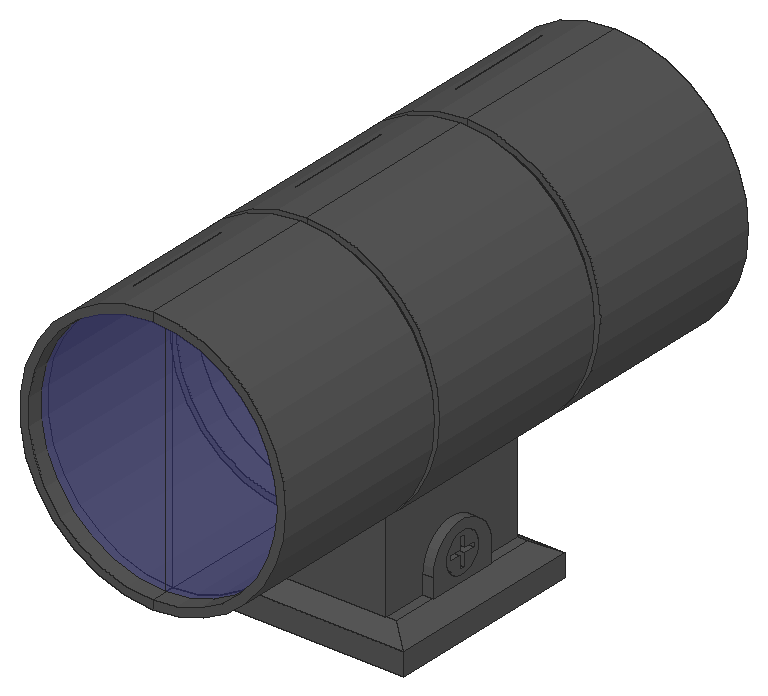
Revit family "CARLO CYLINDER LIGHT WALL MOUNT", category Lighting Fixtures, host Face, Revit 2020 (continued)
Types (10): name | Wattage_Input | Wattage Comments | Wattage | Photometric Web File | built-in parameter 1150142 | Model | built-in parameter 1150105 | Lumens | Light Length 1 | LIGHT RADIUS | LIGHT PLACEMENT | LIGHT LENGTH | LIGHT DIA | built-in parameter 1150106 | FIXED END HEIGHT | Curve base Height | Base Curve | BEAMING ANGLE | Apparent Load
     6.8345 7.1134 7.3989 7.6964 \r\n 8.0122 8.3545 8.7223 9.1147 9.5407 10.008 10.52 11.083 11.698 12.361 \r\n 13.099 13.94 14.881 15.915 17.078 18.371 19.887 21.657 23.86 26.422 \r\n 30.128 34.814 43.241 59.831 79.435 97.527 116.67 138.37 161.28 184.77 \r\n 208.17 230.91 251.91 269.83 284.88 296.36 305.71 313.77 321.64 330.95 \r\n 340.84 350.88 361.37 372.76 384.17 394.63 404.76 414.95 424.92 434.4 \r\n 443.71 453.07 462.47 471.79 481.62 492.65 504.5 516.98 530.16 544.1 \r\n 558.56 573.39 588.38 603.16 618.01 633.09 648.28 663.45 678.75 694.57 \r\n 710.18 724.78 738.9 752.82 766.44 779.66 792.72 805.9 818.99 831.9 \r\n 844.54 856.9 868.68 879.5 889.56 898.86 907.62 916.06 924.15 931.85 \r\n 939.41 947.29 954.88 961.61 967.85 973.75 979.37 984.79 990 995.01 \r\n 999.83 1004.6 1008.9 1012 1014.4 1016.1 1017.1 1017.5 1016.9 1015.1 \r\n 1011.9 \r\n1006.9 1010 1007.8 1004.9 1001.3 996.7 991.36 985.41 979.39 973.98 \r\n 968.89 964.13 959.55 955.12 950.54 945.4 940.06 934.65 929.45 925.09 \r\n 920.59 915.07 908.82 901.88 894.2 885.7 876.47 866.58 856.08 845.05 \r\n 833.57 821.82 809.61 796.78 783.36 769.16 754.68 740.6 726.13 710.55 \r\n 694.38 677.77 661.11 644.92 629.02 613.4 597.99 582.72 567.62 552.62 \r\n 537.91 523.72 509.85 496.14 482.72 469.62 457.05 445.27 434.14 423.86 \r\n 413.61 402.55 390.97 378.69 366.36 354.43 343.31 333.82 325.05 316.11 \r\n 307.7 300.52 293.69 287.36 279.12 265.48 249.9 234.99 219.77 204.78 \r\n 188.1 166.86 144.54 124.07 104.22 84.055 65.628 50.608 39.236 33.272 \r\n 29.822 26.334 23.545 21.438 19.726 18.056 16.605 15.498 14.537 13.516 \r\n 12.586 11.87 11.247 10.625 10.048 9.5369 9.0712 8.6355 8.233 7.8646 \r\n 7.5224 7.2003 6.8944 6.5957 6.3133 6.059 5.8155 5.5654 5.3217 5.0914 \r\n 4.8757 4.6859 4.4992 4.2856 4.0773 3.9033 3.7425 3.5825 3.4268 3.2728 \r\n 3.1266 2.996 2.8735 2.7537 2.6394 2.5306 2.4302 2.3415 2.2641 2.1994 \r\n 2.1462 2.1068 2.0713 2.0283 1.9846 1.9471 1.9052 1.8479 1.7844 1.7218 \r\n 1.6552 1.5815 1.5021 1.4145 1.3275 1.2557 1.1801 1.0777 0.97454 0.89471 \r\n 0.82115 0.74458 0.66581 0.57613 0.49489 0.44903 0.40721 0.33836 0.26868 0.21738 \r\n 0.17439 0.1373 0.10235 0.060599 0.025107 0.0094722 0.0031086 0.00020005 0.000037 0 \r\n 0.00011897 0.0048174 0.014747 0.031812 0.056712 0.093857 0.13402 0.16649 0.20012 0.23896 \r\n 0.28661 0.35377 0.42322 0.47364 0.52799 0.61026 0.69604 0.76133 0.82892 0.91703 \r\n 1.0153 1.1255 1.2296 1.2976 1.3685 1.4888 1.6059 1.6701 1.7193 1.778 \r\n 1.836 1.8958 1.9432 1.9546 1.9675 2.0245 2.086 2.1157 2.1463 2.2007 \r\n 2.272 2.366 2.4681 2.5594 2.6591 2.7868 2.9228 3.0499 3.1799 3.3194 \r\n 3.4663 3.6219 3.7837 3.9479 4.1191 4.3011 4.4918 4.6912 4.8965 5.1033 \r\n 5.3166 5.5411 5.7736 6.0096 6.2582 6.5329 6.8164 7.0907 7.3711 7.6652 \r\n 7.9785 8.319 8.6863 9.0809 9.5085 9.9717 10.481 11.048 11.67 12.339 \r\n 13.082 13.924 14.866 15.906 17.083 18.403 19.966 21.819 24.131 26.728 \r\n 30.682 36.225 45.691 63.224 83.638 102.23 121.7 143.7 166.69 189.7 \r\n 212.55 235.19 256.27 274.5 289.54 299.72 307.76 315.76 323.83 332.95 \r\n 342.63 352.68 363.17 374.37 385.58 396.05 406.26 416.5 426.53 436.11 \r\n 445.56 455.1 464.75 474.39 484.59 495.99 508.21 521.09 534.62 548.76 \r\n 563.38 578.44 593.62 608.47 623.37 638.67 654.06 669.27 684.55 700.33 \r\n 715.85 730.32 744.27 757.98 771.4 784.49 797.43 810.43 823.34 836.15 \r\n 848.66 860.78 872.29 882.92 892.81 901.93 910.5 918.7 926.58 934.18 \r\n 941.68 949.48 956.97 963.57 969.64 975.3 980.68 985.99 991.14 996.1 \r\n 1000.9 1005.5 1009.6 1012.9 1015.4 1017.2 1018.1 1018.2 1017.2 1015.2 \r\n 1011.9 \r\n1006.9 1010.3 1008.3 1005.7 1002.2 997.54 992.16 986.31 980.37 974.82 \r\n 969.55 964.7 960.08 955.68 951.16 946.03 940.66 935.13 929.83 925.5 \r\n 921.07 915.63 909.47 902.62 895.06 886.78 877.85 868.34 858.2 847.36 \r\n 835.96 824.1 811.75 798.91 785.56 771.54 757.26 743.31 728.97 713.58 \r\n 697.57 681.02 664.34 648 631.92 616.2 600.7 585.31 570.02 554.73 \r\n 539.72 525.33 511.32 497.49 484.03 470.98 458.52 446.85 435.87 425.79 \r\n 415.87 405.41 394.47 382.67 370.77 359.31 348.58 339.28 330.6 321.76 \r\n 313.43 306.29 299.49 292.99 285.06 273.23 259.59 245.6 230.59 214.77 \r\n 196.93 174.84 151.73 130.39 109.85 89.694 70.949 53.867 40.32 33.491 \r\n 29.698 26.101 23.353 21.235 19.524 17.864 16.431 15.35 14.417 13.415 \r\n 12.502 11.801 11.193 10.582 10.014 9.5101 9.0498 8.6201 8.2234 7.8595 \r\n 7.522 7.2071 6.9071 6.6099 6.3259 6.0655 5.8171 5.5709 5.3323 5.1018 \r\n 4.8848 4.6941 4.5076 4.2984 4.0939 3.9175 3.7545 3.5989 3.4475 3.2905 \r\n 3.1411 3.0134 2.8943 2.7735 2.6574 2.5478 2.4475 2.3613 2.2851 2.2146 \r\n 2.155 2.1157 2.0811 2.0357 1.9898 1.9527 1.9129 1.8602 1.7996 1.7312 \r\n 1.6595 1.5924 1.5205 1.4313 1.3411 1.2693 1.1948 1.0959 0.99483 0.90943 \r\n 0.83097 0.75948 0.68647 0.59492 0.51046 0.46398 0.42275 0.35645 0.2887 0.23513 \r\n 0.18928 0.15183 0.11692 0.074551 0.037759 0.019546 0.0099936 0.0033271 0.00011668 0 \r\n 0.000086 0.0026587 0.010722 0.028434 0.054739 0.093319 0.13413 0.16383 0.19597 0.24122 \r\n 0.29491 0.35868 0.4243 0.47874 0.53799 0.62063 0.70586 0.7711 0.84015 0.93556 \r\n 1.0384 1.1384 1.2325 1.3064 1.3837 1.4977 1.6054 1.6625 1.7067 1.7669 \r\n 1.8256 1.8766 1.916 1.9315 1.9489 2.0002 2.0551 2.084 2.1166 2.1765 \r\n 2.2531 2.346 2.4474 2.5453 2.6516 2.7789 2.913 3.0405 3.1716 3.313 \r\n 3.4619 3.6183 3.781 3.9481 4.122 4.3045 4.4949 4.6942 4.8996 5.107 \r\n 5.321 5.5454 5.7786 6.0193 6.2717 6.5438 6.8232 7.0949 7.3744 7.6706 \r\n 7.9883 8.335 8.7115 9.1212 9.5625 10.026 10.539 11.135 11.79 12.48 \r\n 13.247 14.129 15.113 16.175 17.391 18.797 20.48 22.483 24.972 27.662 \r\n 31.944 38.569 49.169 67.173 87.95 107.24 127.35 149.8 172.75 194.64 \r\n 216.12 237.75 258.24 276.98 292.6 302.28 309.75 317.99 326.41 335.48 \r\n 345.07 355.31 365.97 376.94 387.89 398.36 408.62 418.86 428.9 438.48 \r\n 447.97 457.68 467.57 477.55 488.1 499.76 512.24 525.51 539.39 553.66 \r\n 568.4 583.77 599.28 614.32 629.37 644.81 660.27 675.43 690.62 706.33 \r\n 721.81 736.33 750.31 763.9 777.14 790.08 802.89 815.85 828.69 841.31 \r\n 853.55 865.24 876.37 886.9 896.74 905.69 914.03 921.86 929.42 936.94 \r\n 944.43 952.11 959.46 965.93 971.82 977.17 982.25 987.39 992.4 997.24 \r\n 1001.8 1006.1 1010 1013.5 1016.3 1018.2 1019.2 1018.8 1017.4 1015.1 \r\n 1011.9 \r\n1006.9 1010.6 1008.9 1006.5 1003.1 998.37 992.98 987.31 981.51 975.8 \r\n 970.32 965.35 960.67 956.29 951.8 946.69 941.31 935.69 930.29 925.94 \r\n 921.53 916.12 910.03 903.24 895.8 887.75 879.13 870.05 860.31 849.72 \r\n 838.43 826.45 813.95 801.13 787.89 774.12 760.09 746.28 732.07 716.9 \r\n 701.1 684.69 668.07 651.62 635.37 619.57 603.98 588.44 572.95 557.33 \r\n 541.99 527.35 513.14 499.22 485.74 472.79 460.47 448.92 438.11 428.24 \r\n 418.65 408.79 398.54 387.3 375.93 365.07 354.81 345.71 337.12 328.4 \r\n 320.15 313.03 306.23 299.51 291.84 281.96 270.33 257.07 241.97 225.02 \r\n 205.79 182.95 159.19 136.93 115.57 95.29 76.13 57.08 41.452 33.653 \r\n 29.392 25.693 23.023 20.902 19.198 17.567 16.17 15.121 14.219 13.251 \r\n 12.369 11.688 11.095 10.501 9.9487 9.455 9.0036 8.5833 8.1951 7.838 \r\n 7.507 7.2009 6.9083 6.6135 6.3285 6.0616 5.8081 5.5672 5.3355 5.1065 \r\n 4.889 4.6961 4.5087 4.3056 4.107 3.9286 3.7632 3.6121 3.4651 3.3064 \r\n 3.1547 3.0295 2.9133 2.792 2.6747 2.5649 2.4652 2.3817 2.3067 2.2306 \r\n 2.1649 2.1248 2.0904 2.0428 1.9952 1.9586 1.9207 1.8731 1.8161 1.7422 \r\n 1.6654 1.604 1.5385 1.4483 1.3556 1.2825 1.2081 1.1132 1.015 0.92413 \r\n 0.84068 0.77394 0.70664 0.61456 0.52793 0.4795 0.43746 0.37455 0.30983 0.25394 \r\n 0.20487 0.16675 0.1318 0.08963 0.052205 0.030728 0.017088 0.0064601 0.00019662 0 \r\n 0.000051 0.0004066 0.0063565 0.024088 0.051163 0.090871 0.13222 0.15928 0.19013 0.24184 \r\n 0.30154 0.36173 0.42338 0.48217 0.54657 0.6291 0.71328 0.77879 0.84969 0.9523 \r\n 1.0595 1.1489 1.2326 1.3128 1.3967 1.5027 1.5996 1.6503 1.691 1.7533 \r\n 1.8133 1.8554 1.8871 1.9072 1.9297 1.9747 2.0224 2.0511 2.0866 2.1524 \r\n 2.2341 2.3254 2.4255 2.5301 2.6432 2.7697 2.9015 3.0295 3.162 3.3057 \r\n 3.4569 3.6142 3.778 3.9481 4.1248 4.3081 4.4986 4.6979 4.9035 5.1119 \r\n 5.327 5.5514 5.7858 6.0319 6.2886 6.5579 6.833 7.1031 7.383 7.6827 \r\n 8.0063 8.361 8.7482 9.1751 9.6323 10.096 10.616 11.245 11.939 12.652 \r\n 13.445 14.374 15.409 16.5 17.761 19.265 21.081 23.25 25.934 28.731 \r\n 33.378 41.222 53.034 71.313 92.223 112.17 132.93 155.8 178.66 199.37 \r\n 219.38 239.8 259.56 278.74 294.97 304.4 311.58 320.14 328.96 338.02 \r\n 347.58 358.06 368.89 379.64 390.33 400.77 411.07 421.29 431.3 440.85 \r\n 450.37 460.23 470.35 480.64 491.52 503.4 516.11 529.72 543.91 558.28 \r\n 573.11 588.79 604.62 619.9 635.13 650.68 666.19 681.28 696.38 712.02 \r\n 727.49 742.13 756.21 769.72 782.83 795.67 808.4 821.37 834.18 846.6 \r\n 858.54 869.78 880.5 890.94 900.75 909.54 917.63 925.08 932.27 939.72 \r\n 947.17 954.7 961.88 968.21 973.93 978.97 983.74 988.69 993.56 998.27 \r\n 1002.7 1006.7 1010.3 1013.9 1017 1019.1 1020.1 1019.4 1017.6 1014.9 \r\n 1011.9 \r\n1006.9 1011 1009.6 1007.3 1004 999.28 993.89 988.46 982.85 976.99 \r\n 971.28 966.17 961.4 957.02 952.56 947.48 942.11 936.44 930.98 926.57 \r\n 922.13 916.74 910.7 903.96 896.65 888.84 880.55 871.92 862.61 852.28 \r\n 841.12 829.05 816.44 803.69 790.61 777.11 763.37 749.69 735.62 720.68 \r\n 705.12 688.9 672.4 655.9 639.54 623.66 607.97 592.27 576.57 560.65 \r\n 544.97 530.04 515.63 501.61 488.14 475.27 463.08 451.64 440.97 431.27 \r\n 421.97 412.66 403.04 392.38 381.58 371.32 361.55 352.6 344.05 335.43 \r\n 327.24 320.09 313.24 306.25 298.8 290.82 281.12 268.34 252.94 234.77 \r\n 214.18 190.84 166.68 143.53 121.3 100.75 81.093 60.303 42.821 33.955 \r\n 29.072 25.253 22.673 20.54 18.839 17.244 15.891 14.87 13.996 13.069 \r\n 12.224 11.562 10.982 10.406 9.8707 9.3889 8.9476 8.5377 8.1589 7.809 \r\n 7.4849 7.188 6.9032 6.6115 6.3262 6.053 5.7946 5.5597 5.3357 5.109 \r\n 4.8916 4.6954 4.5063 4.3102 4.1187 3.9385 3.7705 3.6231 3.4801 3.3206 \r\n 3.1677 3.0442 2.9298 2.8082 2.6902 2.5805 2.4814 2.4003 2.3263 2.2454 \r\n 2.1742 2.1323 2.0973 2.0485 2.0002 1.9638 1.9274 1.8854 1.8326 1.7545 \r\n 1.6736 1.6163 1.5558 1.4656 1.3712 1.2958 1.2203 1.1298 1.0351 0.93945 \r\n 0.85119 0.78804 0.72555 0.63434 0.54682 0.49512 0.45076 0.39164 0.3307 0.27254 \r\n 0.22007 0.18086 0.14566 0.10444 0.06708 0.041874 0.023577 0.0092191 0.00026619 0 \r\n 0.000020 0 0.0024991 0.019794 0.047085 0.087682 0.12954 0.15436 0.1842 0.24173 \r\n 0.30677 0.36349 0.42141 0.48438 0.55366 0.63587 0.71887 0.78479 0.85755 0.96656 \r\n 1.0774 1.157 1.231 1.3168 1.4064 1.5043 1.5907 1.6359 1.674 1.7389 \r\n 1.8007 1.8346 1.859 1.8838 1.9112 1.9498 1.9905 2.0195 2.0584 2.1299 \r\n 2.2164 2.3058 2.4042 2.515 2.6342 2.7598 2.8894 3.0179 3.152 3.298 \r\n 3.4516 3.6099 3.7746 3.9473 4.1265 4.3107 4.5016 4.7008 4.9065 5.116 \r\n 5.3324 5.557 5.7923 6.0437 6.3048 6.5713 6.8426 7.1119 7.3933 7.6972 \r\n 8.0273 8.3899 8.7878 9.2317 9.7044 10.17 10.696 11.358 12.091 12.827 \r\n 13.646 14.623 15.709 16.833 18.142 19.743 21.693 24.029 26.915 29.823 \r\n 34.862 44.041 57.137 75.551 96.412 116.91 138.25 161.46 184.23 203.85 \r\n 222.5 241.71 260.66 280.1 296.83 306.18 313.27 322.17 331.36 340.48 \r\n 350.04 360.75 371.76 382.32 392.76 403.17 413.47 423.65 433.62 443.13 \r\n 452.66 462.65 472.97 483.54 494.7 506.78 519.67 533.55 547.98 562.42 \r\n 577.32 593.27 609.42 624.93 640.34 655.99 671.53 686.56 701.58 717.19 \r\n 732.67 747.47 761.7 775.19 788.24 801.04 813.74 826.76 839.57 851.8 \r\n 863.43 874.22 884.54 894.9 904.68 913.31 921.17 928.21 935.04 942.39 \r\n 949.78 957.12 964.08 970.27 975.83 980.59 985.07 989.84 994.56 999.14 \r\n 1003.4 1007.1 1010.6 1014.2 1017.4 1019.8 1020.9 1019.9 1017.7 1014.8 \r\n 1011.9 \r\n1006.9 1011.3 1010.2 1008.1 1005 1000.3 994.99 989.81 984.39 978.42 \r\n 972.5 967.24 962.35 957.94 953.51 948.48 943.17 937.52 932.03 927.55 \r\n 923.04 917.65 911.66 905.01 897.84 890.29 882.35 874.17 865.29 855.23 \r\n 844.21 832.11 819.46 806.84 793.98 780.75 767.28 753.73 739.78 725.06 \r\n 709.74 693.76 677.43 660.96 644.57 628.63 612.83 596.98 581.08 564.88 \r\n 548.92 533.7 519.06 504.96 491.46 478.65 466.53 455.15 444.55 434.97 \r\n 425.88 416.98 407.85 397.7 387.42 377.69 368.32 359.44 350.85 342.24 \r\n 334.03 326.79 319.82 312.54 305.25 298.95 290.92 278.39 262.53 243.29 \r\n 221.64 198.18 173.96 150.06 126.97 106 85.757 63.592 44.615 34.595 \r\n 28.906 24.924 22.42 20.253 18.537 16.973 15.662 14.657 13.8 12.912 \r\n 12.104 11.454 10.88 10.32 9.8003 9.3291 8.8965 8.496 8.1256 7.7815 \r\n 7.4631 7.1745 6.897 6.609 6.3241 6.0455 5.7828 5.5536 5.3369 5.1132 \r\n 4.8961 4.6958 4.504 4.3151 4.1311 3.9491 3.7782 3.633 3.4928 3.3337 \r\n 3.1806 3.0574 2.9433 2.8213 2.7029 2.5931 2.4942 2.4147 2.3413 2.2567 \r\n 2.1811 2.1366 2.1001 2.0517 2.0043 1.9676 1.9319 1.8956 1.8479 1.7681 \r\n 1.6846 1.6294 1.5718 1.4828 1.3883 1.3095 1.2317 1.1458 1.0556 0.95604 \r\n 0.8634 0.80188 0.74241 0.65353 0.56668 0.51038 0.46204 0.40671 0.34994 0.28965 \r\n 0.23378 0.19297 0.15716 0.11757 0.081018 0.051841 0.028642 0.011225 0.00031502 0 \r\n 0 0 0 0.01657 0.043606 0.084921 0.12734 0.15059 0.17976 0.2418 \r\n 0.31084 0.36454 0.41933 0.48579 0.55919 0.64115 0.7232 0.78951 0.86374 0.97764 \r\n 1.0911 1.1625 1.2284 1.3184 1.4122 1.5031 1.5807 1.6216 1.6578 1.7257 \r\n 1.7895 1.8164 1.8343 1.8628 1.8942 1.9275 1.9622 1.9923 2.0343 2.1109 \r\n 2.2015 2.289 2.3856 2.5013 2.6254 2.7501 2.8778 3.0067 3.1421 3.2904 \r\n 3.4462 3.6052 3.7706 3.945 4.126 4.3111 4.5024 4.7013 4.9068 5.1175 \r\n 5.3353 5.5597 5.7957 6.0513 6.3159 6.5803 6.8488 7.1182 7.4015 7.7097 \r\n 8.0457 8.415 8.8217 9.2798 9.7657 10.233 10.764 11.455 12.221 12.976 \r\n 13.818 14.837 15.971 17.127 18.483 20.17 22.24 24.732 27.813 30.827 \r\n 36.276 46.883 61.325 79.797 100.47 121.36 143.12 166.57 189.24 208.07 \r\n 225.67 243.85 262.01 281.42 298.35 307.69 314.82 324.03 333.52 342.72 \r\n 352.34 363.25 374.39 384.8 395.04 405.4 415.69 425.81 435.73 445.21 \r\n 454.76 464.85 475.33 486.12 497.51 509.73 522.77 536.83 551.42 565.88 \r\n 580.84 597.01 613.41 629.15 644.73 660.46 676.02 691.01 705.98 721.59 \r\n 737.13 752.1 766.51 780.05 793.1 805.94 818.69 831.79 844.61 856.67 \r\n 868.03 878.41 888.37 898.63 908.37 916.85 924.48 931.14 937.61 944.82 \r\n 952.12 959.22 965.93 971.97 977.38 981.92 986.17 990.76 995.34 999.81 \r\n 1004 1007.5 1010.7 1014.4 1017.7 1020.3 1021.5 1020.3 1017.8 1014.8 \r\n 1011.9 \r\n1006.9 1011.7 1011 1009.2 1006.3 1001.9 996.8 991.7 986.31 980.39 \r\n 974.45 968.95 963.83 959.34 954.93 950.03 944.92 939.59 934.35 929.79 \r\n 925.16 919.85 914.02 907.56 900.65 893.44 885.88 878.15 869.66 859.72 \r\n 848.8 837.02 824.77 812.63 800.19 787.18 773.81 760.35 746.47 731.87 \r\n 716.72 700.99 684.96 668.88 652.78 636.84 620.93 605 589.01 572.79 \r\n 556.78 541.4 526.56 512.29 498.61 485.5 473.08 461.41 450.56 440.83 \r\n 431.6 422.42 413.05 402.91 392.66 382.83 373.25 363.97 354.93 345.95 \r\n 337.4 329.74 322.43 314.97 307.7 301.91 294.26 281.08 264.65 245.84 \r\n 225.15 203.35 180.49 156.44 132.6 110.66 89.565 67.417 48.319 36.853 \r\n 29.687 25.357 22.839 20.526 18.705 17.113 15.795 14.747 13.853 12.972 \r\n 12.174 11.497 10.895 10.333 9.8164 9.3421 8.906 8.5039 8.132 7.7839 \r\n 7.4625 7.1763 6.9031 6.6193 6.3375 6.058 5.7942 5.5677 5.3542 5.1319 \r\n 4.9144 4.7091 4.5133 4.3292 4.1502 3.9659 3.7903 3.6403 3.4969 3.3409 \r\n 3.1905 3.0623 2.9422 2.8189 2.6997 2.5868 2.4847 2.4036 2.3296 2.2465 \r\n 2.1717 2.1227 2.0836 2.0434 2.0044 1.9647 1.926 1.8965 1.8579 1.7859 \r\n 1.707 1.6466 1.5834 1.4999 1.4106 1.3252 1.2411 1.1615 1.0786 0.97923 \r\n 0.88347 0.8148 0.75006 0.66749 0.58633 0.52161 0.4642 0.41153 0.35895 0.29678 \r\n 0.2376 0.19369 0.15616 0.1197 0.085879 0.0529 0.025546 0.0091518 0.00026619 0 \r\n 0.000049 0.00040146 0.0060063 0.02204 0.048075 0.090277 0.13404 0.15878 0.18855 0.24834 \r\n 0.31478 0.36779 0.42246 0.48846 0.56191 0.64559 0.72918 0.79495 0.86784 0.98015 \r\n 1.0921 1.1632 1.2283 1.3143 1.405 1.4988 1.5796 1.6184 1.6526 1.7231 \r\n 1.7894 1.8142 1.8289 1.8546 1.8842 1.9185 1.9547 1.9854 2.0284 2.1063 \r\n 2.1979 2.2856 2.3816 2.4955 2.6181 2.7429 2.871 2.9995 3.1345 3.284 \r\n 3.4409 3.5993 3.7632 3.9351 4.1136 4.2985 4.4895 4.6859 4.8889 5.0996 \r\n 5.3175 5.5405 5.7743 6.0265 6.2887 6.5545 6.8255 7.0968 7.3811 7.6888 \r\n 8.0226 8.3868 8.7873 9.2395 9.72 10.183 10.711 11.397 12.157 12.902 \r\n 13.734 14.748 15.882 17.055 18.
